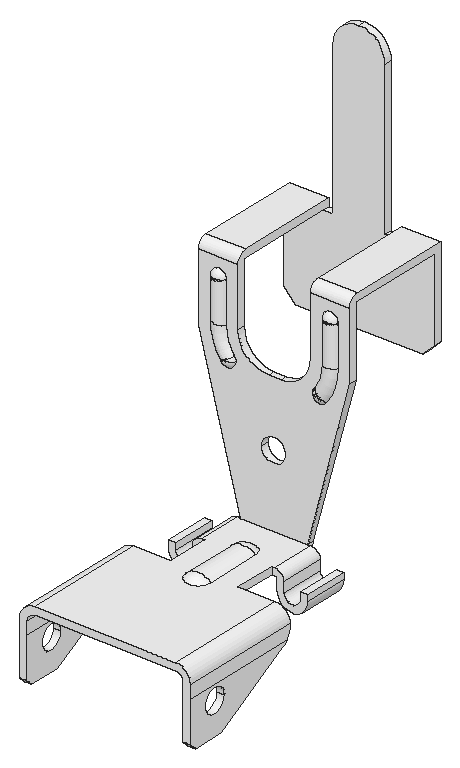
Revit family "Power-Sクリップ", category 機械設備, Revit 2020
Family settings
  丸型コネクタ寸法 = 直径を使用
  種別 = なし
  パーツ タイプ = 標準
  作業面ベース = いいえ
  常に垂直 = はい
  ロード時にボイドで切り取り = いいえ
  共有 = いいえ
  部屋計算ポイント = いいえ
Parameters
  製造元 = "株式会社桐井製作所"
  既定の高さ = 0 mm
  URL = "https://www.kirii.co.jp/"
  K_板厚(mm) = 1.2 mm
  K_品名 = "Power-Sクリップ"
  K_名称 = "耐震クリップ"
  K_入数 = "400"
  K_バージョン情報 = "20220131"
Reference planes
  plane 1 "中心(正面/背面)": y = 0
  plane 2: z = 0
  plane 3 "中心(左/右)": x = 0
Forms (mm)
  Extrusion 1, solid
    sketch origin (0, 30, 0) x (0, 1, 0) y (0, 0, 1)
      loop
        line (-45.6, 0) -> (-38.6, 0) -> (-31.2, 0)
        arc (-31.2, 0) -> (-30.351, 0.351) -> (-30, 1.2) r 1.2
        line (-30, 1.2) -> (-30, 39) -> (-13.6, 39) -> (-13.6, 23.4) -> (-12.4, 23.4) -> (-12.4, 40.2) -> (-29.6, 40.2)
        arc (-29.6, 40.2) -> (-30.731, 39.731) -> (-31.2, 38.6) r 1.6
        line (-31.2, 38.6) -> (-31.2, 1.2) -> (-45.6, 1.2) -> (-45.6, 0)
    from -12.5 to 12.5
  Extrusion 2, solid
    sketch origin (0, 0, 0) x (1, 0, 0) y (0, 0, 1)
      loop
        arc (11.7, 0) -> (12.549, -0.351) -> (12.9, -1.2) r 1.2
        line (12.9, -1.2) -> (12.9, -3.3) -> (12.9, -11.104) -> (14.1, -11.104) -> (14.1, -3.3) -> (14.1, -1.2)
        arc (14.1, -1.2) -> (13.397, 0.497) -> (11.7, 1.2) r 2.4
        line (11.7, 1.2) -> (-11.7, 1.2)
        arc (-11.7, 1.2) -> (-13.397, 0.497) -> (-14.1, -1.2) r 2.4
        line (-14.1, -1.2) -> (-14.1, -3.3) -> (-14.1, -11.1) -> (-12.9, -11.1) -> (-12.9, -3.3) -> (-12.9, -1.2)
        arc (-12.9, -1.2) -> (-12.549, -0.351) -> (-11.7, 0) r 1.2
        line (-11.7, 0) -> (11.7, 0)
    from 15.6 to 36.1
  Extrusion 3, void
    sketch origin (0, 0, 0) x (0, 1, 0) y (0, 0, 1)
      loop
        line (-17.163, -4.153) -> (-29.816, -11.054) -> (-15.6, -11.054) -> (-15.6, -1.519)
        arc (-15.6, -1.519) -> (-16.02, -3.05) -> (-17.163, -4.153) r 3
      loop
        line (-35.146, -11.054) -> (-36.1, -10.1) -> (-36.1, -11.054) -> (-35.146, -11.054)
    from 12.9 to 14.1
  Extrusion 4, void
    sketch origin (-27, 0, 0) x (0, 1, 0) y (0, 0, 1)
      loop
        line (-17.163, -4.153) -> (-29.908, -11.104) -> (-15.6, -11.104) -> (-15.6, -1.519)
        arc (-15.6, -1.519) -> (-16.02, -3.05) -> (-17.163, -4.153) r 3
      loop
        line (-35.087, -11.113) -> (-36.1, -10.1) -> (-36.1, -11.113) -> (-35.087, -11.113)
    from 12.9 to 14.1
  Extrusion 5, void
    sketch origin (0, 0, 0) x (1, 0, 0) y (0, 0, 1)
      loop
        line (-12.5, 27.387) -> (-12.5, 0) -> (-5.5, 0) -> (-5.5, 1.2) -> (-12.5, 27.387)
      loop
        line (12.5, 27.387) -> (5.5, 1.2) -> (5.5, 0) -> (12.5, 0) -> (12.5, 27.387)
    from 0 to 15.6
  Extrusion 6, solid
    sketch origin (0, 0, 0) x (1, 0, 0) y (0, 0, 1)
      loop
        line (-10.3, -1.95) -> (-10.3, -0.9) -> (-11.5, -0.9) -> (-11.5, -1.95)
        arc (-11.5, -1.95) -> (-8.95, -4.5) -> (-6.4, -1.95) r 2.55
        line (-6.4, -1.95) -> (-6.4, 0) -> (6.4, 0) -> (6.4, -1.95)
        arc (6.4, -1.95) -> (8.95, -4.5) -> (11.5, -1.95) r 2.55
        line (11.5, -1.95) -> (11.5, -0.9) -> (10.3, -0.9) -> (10.3, -1.95)
        arc (10.3, -1.95) -> (8.95, -3.3) -> (7.6, -1.95) r 1.35
        line (7.6, -1.95) -> (7.6, -0.4)
        arc (7.6, -0.4) -> (7.131, 0.731) -> (6, 1.2) r 1.6
        line (6, 1.2) -> (-6, 1.2)
        arc (-6, 1.2) -> (-7.131, 0.731) -> (-7.6, -0.4) r 1.6
        line (-7.6, -0.4) -> (-7.6, -1.95)
        arc (-7.6, -1.95) -> (-8.95, -3.3) -> (-10.3, -1.95) r 1.35
    from 1.2 to 8.6
  Extrusion 7, void
    sketch origin (0, 0, 0) x (0, 1, 0) y (0, 0, 1)
      loop
        circle (-31.1, -5.8) r 2
    from 12.9 to 14.1
  Extrusion 8, void
    sketch origin (-27, 0, 0) x (0, 1, 0) y (0, 0, 1)
      loop
        circle (-31.1, -5.8) r 2
    from 12.9 to 14.1
  Extrusion 9, void
    sketch origin (0, 0, 0) x (1, 0, 0) y (0, 0, 1)
      loop
        arc (-5.95, 29) -> (-4.486, 25.464) -> (-0.95, 24) r 5
        line (-0.95, 24) -> (1.05, 24)
        arc (1.05, 24) -> (4.586, 25.464) -> (6.05, 29) r 5
        line (6.05, 29) -> (6.05, 40.2) -> (-5.95, 40.2) -> (-5.95, 29)
    from -16.4 to 1.2
  Extrusion 10, solid
    sketch origin (0, -22.6, 55.4) x (1, 0, 0) y (0, 0, -1)
      loop
        line (-4.3, 17) -> (-4.3, -8.7)
        arc (-4.3, -8.7) -> (-3.041, -11.741) -> (0, -13) r 4.3
        arc (0, -13) -> (3.041, -11.741) -> (4.3, -8.7) r 4.3
        line (4.3, -8.7) -> (4.3, 17) -> (-4.3, 17)
    from 39 to 40.2
  Extrusion 11, void
    sketch origin (0, -22.6, 55.4) x (1, 0, 0) y (0, 0, -1)
      loop
        line (-12.5, 30) -> (-10.5, 32) -> (-12.5, 32) -> (-12.5, 30)
      loop
        line (12.5, 32) -> (10.5, 32) -> (12.5, 30) -> (12.5, 32)
    from 39 to 40.2
  Extrusion 12, void
    sketch origin (0, 0, 0) x (1, 0, 0) y (0, 0, 1)
      loop
        circle (0, 13.2) r 2
    from 0 to 1.2
  Extrusion 13, solid
    sketch origin (0, 0, 0) x (1, 0, 0) y (0, 0, 1)
      loop
        line (-2, 1.2) -> (2, 1.2)
        arc (2, 1.2) -> (0, 2) -> (-2, 1.2) r 2.9
    from 7.6 to 16.872
  Revolve 14, solid
    sketch origin (0, -7.6, 0) x (1, 0, 0) y (0, 0, 1)
      loop
        arc (2, 1.2) -> (1.077, 1.793) -> (0, 2) r 2.9
        line (0, 2) -> (0, 1.2) -> (2, 1.2)
      axis (0, 2) -> (0, 1)
    angle from 0 to 360
  Revolve 15, solid
    sketch origin (0, -16.872, 0) x (1, 0, 0) y (0, 0, -1)
      loop
        line (2, -1.2) -> (0, -1.2) -> (0, -2)
        arc (0, -2) -> (1.077, -1.793) -> (2, -1.2) r 2.9
      axis (0, -2) -> (0, -1)
    angle from 0 to 360
  Sweep 16, solid
    path in 3D
      loop
        arc (-7.6, -1.2, 24.118) -> (-8.79, -1.2, 26.431) -> (-9.2, -1.2, 29) r 8.25
        line (-9.2, -1.2, 29) -> (-9.2, -1.2, 35.75)
    profile origin (-9.2, -1.2, 32.375) x (1, 0, 0) y (0, 1, 0)
      loop
        arc (-1.248, 0) -> (0, -0.8) -> (1.248, 0) r 1.373
        line (1.248, 0) -> (-1.248, 0)
  Sweep 17, solid
    path in 3D
      loop
        arc (7.702, -1.2, 24.118) -> (8.892, -1.2, 26.431) -> (9.302, -1.2, 29) r 8.25
        line (9.302, -1.2, 29) -> (9.302, -1.2, 35.75)
    profile origin (9.302, -1.2, 32.375) x (1, 0, 0) y (0, 1, 0)
      loop
        line (1.248, 0) -> (-1.248, 0)
        arc (-1.248, 0) -> (0, -0.8) -> (1.248, 0) r 1.373
  Revolve 18, solid
    sketch origin (0, 0, 35.75) x (1, 0, 0) y (0, 1, 0)
      loop
        line (-9.2, -2) -> (-9.2, -1.2) -> (-10.448, -1.2)
        arc (-10.448, -1.2) -> (-9.941, -1.783) -> (-9.2, -2) r 1.373
      axis (-9.2, -1.2) -> (-9.2, -2.2)
    angle from 0 to 360
  Revolve 19, solid
    sketch origin (1.6, 0, 24.118) x (1, 0, 0) y (0, 1, 0)
      loop
        line (-9.2, -2) -> (-9.2, -1.2) -> (-10.448, -1.2)
        arc (-10.448, -1.2) -> (-9.941, -1.783) -> (-9.2, -2) r 1.373
      axis (-9.2, -1.2) -> (-9.2, -2.2)
    angle from 0 to 360
  Revolve 20, solid
    sketch origin (0.102, 0, 35.75) x (-1, 0, 0) y (0, -1, 0)
      loop
        arc (-9.2, 2) -> (-9.941, 1.783) -> (-10.448, 1.2) r 1.373
        line (-10.448, 1.2) -> (-9.2, 1.2) -> (-9.2, 2)
      axis (-9.2, 1.2) -> (-9.2, 2.2)
    angle from 0 to 360
  Revolve 21, solid
    sketch origin (-1.498, 0, 24.118) x (-1, 0, 0) y (0, -1, 0)
      loop
        arc (-9.2, 2) -> (-9.941, 1.783) -> (-10.448, 1.2) r 1.373
        line (-10.448, 1.2) -> (-9.2, 1.2) -> (-9.2, 2)
      axis (-9.2, 1.2) -> (-9.2, 2.2)
    angle from 0 to 360
  Extrusion 22, void
    sketch origin (0, 0, 0) x (1, 0, 0) y (0, 0, 1)
      loop
        line (-5.95, 40.2) -> (-5.95, 39.006) -> (-4.301, 39.006) -> (-4.301, 40.2) -> (-5.95, 40.2)
      loop
        line (4.3, 40.2) -> (4.3, 39.006) -> (6.049, 39.006) -> (6.049, 40.2) -> (4.3, 40.2)
    from -17.6 to -16.4
Cuts and joins
  Extrusion 5, Extrusion 7, Extrusion 8, Extrusion 9, Extrusion 11, Extrusion 12, Extrusion 22 cuts Extrusion 1
  Extrusion 3, Extrusion 4, Extrusion 7, Extrusion 8, Extrusion 11, Extrusion 12, Extrusion 22 cuts Extrusion 2
  Extrusion 7, Extrusion 8, Extrusion 11, Extrusion 12, Extrusion 22 cuts Extrusion 6
  Extrusion 11, Extrusion 12, Extrusion 22 cuts Extrusion 10
  joined: Extrusion 1, Extrusion 2, Extrusion 6, Extrusion 10
  joined: Extrusion 13, Revolve 14, Revolve 15
  joined: Sweep 16, Sweep 17
Lines and regions (mm)
  sketch lines
    curve 1: line (-9.2, -1.2, 29) -> (-9.2, -1.2, 35.75)
    curve 2: arc (-7.6, -1.2, 24.118) -> (-8.79, -1.2, 26.431) -> (-9.2, -1.2, 29) r 8.25
    curve 3: line (9.302, -1.2, 29) -> (9.302, -1.2, 35.75)
    curve 4: arc (7.702, -1.2, 24.118) -> (8.892, -1.2, 26.431) -> (9.302, -1.2, 29) r 8.25
Dimensions and locks
  aligned and locked: level to plane 2
